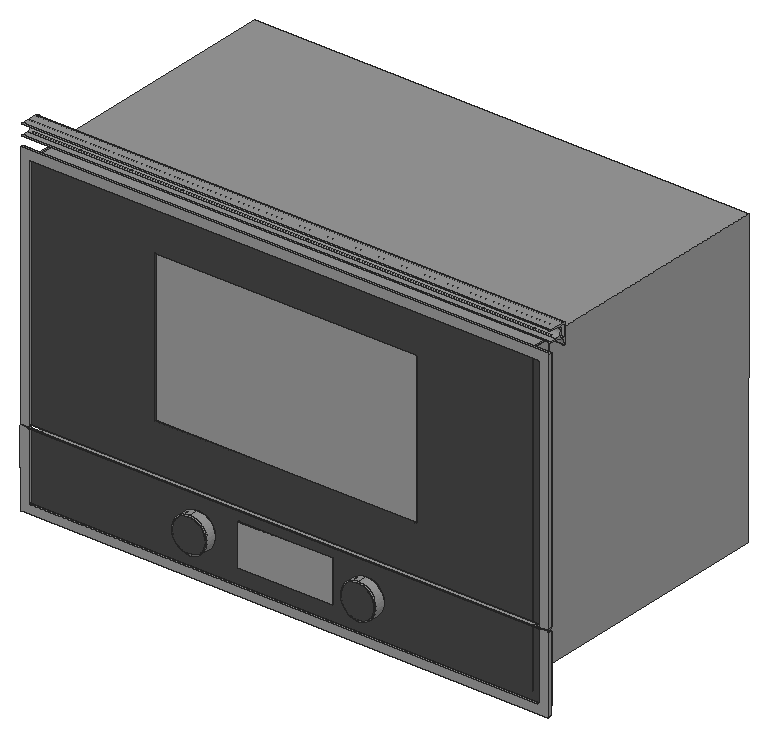
Revit family "ML 822 BI L", category Specialty Equipment, Revit 2017 (continued)
Automatic sketch dimensions
  Split face 31 sketch curve to Split face 31 sketch curve = 0.573 mm
  Split face 31 sketch curve to Extrusion 9 = 17.783 mm
  Split face 31 sketch curve to Split face 31 sketch curve = 0.773 mm
  Split face 31 sketch curve to Split face 31 sketch curve = 0.261 mm
  Split face 31 sketch curve to Split face 31 sketch curve = 0.929 mm
  Split face 31 sketch curve to Split face 31 sketch curve = 0.799 mm
  Split face 31 sketch curve to Split face 31 sketch curve = 0.973 mm
  Split face 31 sketch curve to Split face 31 sketch curve = 2.389 mm
  Split face 31 sketch curve to Split face 31 sketch curve = 0.492 mm
  Split face 31 sketch curve to Split face 31 sketch curve = 0.606 mm
  Split face 32 sketch curve to Extrusion 9 = 17.783 mm
  Split face 32 sketch curve to Extrusion 9 = 35.484 mm
  Split face 32 sketch curve to Split face 32 sketch curve = 0.547 mm
  Split face 32 sketch curve to Split face 32 sketch curve = 3.779 mm
  Split face 32 sketch curve to Split face 32 sketch curve = 0.656 mm
  Split face 32 sketch curve to Split face 32 sketch curve = 0.325 mm
  Split face 32 sketch curve to Extrusion 9 = 18.598 mm
  Split face 32 sketch curve to Split face 32 sketch curve = 0.907 mm
  Split face 32 sketch curve to Split face 32 sketch curve = 0.229 mm
  Split face 33 sketch curve to Extrusion 9 = 10.983 mm
  Split face 33 sketch curve to Split face 33 sketch curve = 4.357 mm  (x2)
  Split face 33 sketch curve to Extrusion 9 = 19.563 mm
  Split face 34 sketch curve to Extrusion 9 = 10.583 mm
  Split face 34 sketch curve to Split face 34 sketch curve = 3.557 mm  (x2)
  Split face 34 sketch curve to Extrusion 9 = 19.963 mm
  Split face 35 sketch curve to Extrusion 9 = 10.305 mm
  Split face 35 sketch curve to Split face 35 sketch curve = 1.5 mm
  Split face 35 sketch curve to Extrusion 9 = 22.602 mm
  Split face 35 sketch curve to Split face 35 sketch curve = 1.1 mm
  Split face 36 sketch curve to Extrusion 9 = 9.905 mm
  Split face 36 sketch curve to Split face 36 sketch curve = 1.1 mm  (x2)
  Split face 36 sketch curve to Extrusion 9 = 22.602 mm
  Split face 37 sketch curve to Extrusion 9 = 9.681 mm
  Split face 37 sketch curve to Split face 37 sketch curve = 0.198 mm  (x2)
  Split face 37 sketch curve to Split face 37 sketch curve = 0.679 mm  (x2)
  Split face 37 sketch curve to Extrusion 9 = 20.481 mm
  Split face 37 sketch curve to Split face 37 sketch curve = 1.121 mm
  Split face 37 sketch curve to Split face 37 sketch curve = 0.524 mm
  Split face 38 sketch curve to Extrusion 9 = 9.205 mm
  Split face 38 sketch curve to Split face 38 sketch curve = 0.152 mm
  Split face 38 sketch curve to Split face 38 sketch curve = 0.248 mm  (x2)
  Split face 38 sketch curve to Split face 38 sketch curve = 0.8 mm
  Split face 38 sketch curve to Extrusion 9 = 20.881 mm
  Split face 38 sketch curve to Split face 38 sketch curve = 0.861 mm
  Split face 38 sketch curve to Split face 38 sketch curve = 0.384 mm
  Split face 39 sketch curve to Extrusion 9 = 10.477 mm
  Split face 39 sketch curve to Split face 39 sketch curve = 0.8 mm
  Split face 39 sketch curve to Extrusion 9 = 9.405 mm
  Split face 39 sketch curve to Extrusion 9 = 4.237 mm
  Split face 40 sketch curve to Extrusion 9 = 3.004 mm
  Split face 40 sketch curve to Split face 40 sketch curve = 0.8 mm
  Split face 40 sketch curve to Extrusion 9 = 9.405 mm
  Split face 40 sketch curve to Extrusion 9 = 4.237 mm
  Split face 41 sketch curve to Extrusion 9 = 4.269 mm
  Split face 41 sketch curve to Split face 41 sketch curve = 1.133 mm
  Split face 41 sketch curve to Split face 41 sketch curve = 0 mm
  Split face 41 sketch curve to Split face 41 sketch curve = 0.889 mm  (x2)
  Split face 41 sketch curve to Split face 41 sketch curve = 0.8 mm  (x3)
  Split face 41 sketch curve to Split face 41 sketch curve = 2.885 mm
  Split face 41 sketch curve to Extrusion 9 = 9.247 mm
  Split face 41 sketch curve to Split face 41 sketch curve = 2.026 mm  (x2)
  Split face 41 sketch curve to Split face 41 sketch curve = 0.4 mm
  Split face 42 sketch curve to Extrusion 9 = 4.269 mm
  Split face 42 sketch curve to Split face 42 sketch curve = 1.133 mm
  Split face 42 sketch curve to Split face 42 sketch curve = 0 mm
  Split face 42 sketch curve to Split face 42 sketch curve = 0.889 mm  (x2)
  Split face 42 sketch curve to Split face 42 sketch curve = 0.8 mm  (x3)
  Split face 42 sketch curve to Split face 42 sketch curve = 4.185 mm
  Split face 42 sketch curve to Extrusion 9 = 4.134 mm
  Split face 42 sketch curve to Split face 42 sketch curve = 2.026 mm  (x2)
  Split face 42 sketch curve to Split face 42 sketch curve = 0.4 mm
  Split face 43 sketch curve to Extrusion 9 = 3.004 mm
  Split face 43 sketch curve to Split face 43 sketch curve = 0.8 mm
  Split face 43 sketch curve to Extrusion 9 = 3.976 mm
  Split face 43 sketch curve to Split face 43 sketch curve = 5.168 mm
  Split face 46 sketch curve to Split face 46 sketch curve = 0 mm  (x2)
  Split face 46 sketch curve to Extrusion 9 = 6.833 mm
  Split face 46 sketch curve to Split face 46 sketch curve = 2.157 mm  (x3)
  Split face 46 sketch curve to Split face 46 sketch curve = 1.768 mm  (x3)
  Split face 46 sketch curve to Extrusion 9 = 19.552 mm
  Split face 47 sketch curve to Split face 47 sketch curve = 0 mm  (x2)
  Split face 47 sketch curve to Extrusion 9 = 2.908 mm  (x2)
  Split face 47 sketch curve to Split face 47 sketch curve = 1.768 mm  (x3)
  Split face 47 sketch curve to Split face 47 sketch curve = 2.157 mm  (x2)
  Split face 47 sketch curve to Extrusion 9 = 19.552 mm
  Split face 54 sketch curve to Extrusion 1 = 9.93 mm
  Split face 54 sketch curve to Extrusion 1 = 195.971 mm
  Split face 54 sketch curve to Extrusion 1 = 14.422 mm
  Split face 54 sketch curve to Split face 54 sketch curve = 3.922 mm
  Split face 54 sketch curve to Split face 54 sketch curve = 3.8 mm  (x2)
  Split face 55 sketch curve to Extrusion 1 = 10.222 mm
  Split face 55 sketch curve to Extrusion 1 = 193.993 mm
  Split face 55 sketch curve to Split face 55 sketch curve = 1.578 mm
  Split face 55 sketch curve to Split face 55 sketch curve = 4.722 mm
  Split face 55 sketch curve to Split face 55 sketch curve = 0.8 mm
  Split face 55 sketch curve to Split face 55 sketch curve = 0.071 mm
  Split face 55 sketch curve to Split face 55 sketch curve = 4.6 mm
  Split face 56 sketch curve to Extrusion 1 = 14.422 mm
  Split face 56 sketch curve to Extrusion 1 = 194.393 mm
  Split face 56 sketch curve to Split face 56 sketch curve = 1.178 mm
  Split face 56 sketch curve to Split face 56 sketch curve = 2.054 mm
  Split face 56 sketch curve to Split face 56 sketch curve = 0.362 mm
  Split face 56 sketch curve to Split face 56 sketch curve = 3.438 mm
  Split face 57 sketch curve to Extrusion 1 = 11.115 mm
  Split face 57 sketch curve to Extrusion 1 = 186.796 mm
  Split face 57 sketch curve to Extrusion 1 = 13.922 mm
  Split face 57 sketch curve to Split face 57 sketch curve = 1.621 mm  (x2)
  Split face 58 sketch curve to Extrusion 1 = 10.665 mm
  Split face 58 sketch curve to Extrusion 1 = 186.016 mm
  Split face 58 sketch curve to Extrusion 1 = 14.822 mm
  Split face 58 sketch curve to Split face 58 sketch curve = 2.4 mm
  Split face 58 sketch curve to Split face 58 sketch curve = 4.8 mm
  Split face 59 sketch curve to Extrusion 1 = 14.372 mm
  Split face 59 sketch curve to Extrusion 1 = 182.842 mm
  Split face 59 sketch curve to Extrusion 1 = 11.565 mm
  Split face 59 sketch curve to Split face 59 sketch curve = 1.621 mm  (x2)
  Split face 60 sketch curve to Extrusion 1 = 14.822 mm
  Split face 60 sketch curve to Extrusion 1 = 182.063 mm
  Split face 60 sketch curve to Extrusion 1 = 10.665 mm
  Split face 60 sketch curve to Split face 60 sketch curve = 2.4 mm
  Split face 60 sketch curve to Split face 60 sketch curve = 4.8 mm
  Split face 61 sketch curve to Extrusion 1 = 14.822 mm
  Split face 61 sketch curve to Extrusion 1 = 202.006 mm
  Split face 61 sketch curve to Extrusion 1 = 10.665 mm
  Split face 61 sketch curve to Split face 61 sketch curve = 2.4 mm
  Split face 61 sketch curve to Split face 61 sketch curve = 4.8 mm
  Split face 62 sketch curve to Extrusion 1 = 14.372 mm
  Split face 62 sketch curve to Extrusion 1 = 201.226 mm
  Split face 62 sketch curve to Extrusion 1 = 11.565 mm
  Split face 62 sketch curve to Split face 62 sketch curve = 1.621 mm  (x2)
  Split face 63 sketch curve to Extrusion 1 = 11.115 mm
  Split face 63 sketch curve to Extrusion 1 = 197.273 mm
  Split face 63 sketch curve to Extrusion 1 = 13.922 mm
  Split face 63 sketch curve to Split face 63 sketch curve = 1.621 mm  (x2)
  Split face 64 sketch curve to Extrusion 1 = 10.665 mm
  Split face 64 sketch curve to Extrusion 1 = 198.053 mm
  Split face 64 sketch curve to Extrusion 1 = 14.822 mm
  Split face 64 sketch curve to Split face 64 sketch curve = 2.4 mm
  Split face 64 sketch curve to Split face 64 sketch curve = 4.8 mm
  Split face 67 sketch curve to Extrusion 1 = 13.822 mm
  Split face 67 sketch curve to Extrusion 1 = 187.355 mm
  Split face 67 sketch curve to Split face 67 sketch curve = 0.8 mm
  Split face 67 sketch curve to Split face 67 sketch curve = 3 mm
  Extrusion 18 sketch curve to Extrusion 18 sketch curve = 0 mm  (x8)
  plane 14 to Extrusion 18 sketch curve = 0.001 mm
  Extrusion 18 sketch curve to plane 14 = 0.374 mm
  Extrusion 18 sketch curve to plane 14 = 0.53 mm
  Extrusion 18 sketch curve to plane 14 = 0.755 mm
  Extrusion 18 sketch curve to Extrusion 18 sketch curve = 0.5 mm
  Extrusion 18 sketch curve to Extrusion 18 sketch curve = 1.469 mm
  Extrusion 18 sketch curve to plane 4 = 2.005 mm
  Extrusion 18 sketch curve to Extrusion 18 sketch curve = 5.719 mm
  Extrusion 18 sketch curve to Extrusion 18 sketch curve = 5.696 mm
  Extrusion 18 sketch curve to plane 4 = 1.2 mm
  Extrusion 18 sketch curve to Extrusion 18 sketch curve = 5.374 mm
  plane 8 to Extrusion 18 sketch curve = 9.652 mm
  Extrusion 18 sketch curve to Extrusion 18 sketch curve = 0.002 mm  (x3)
  plane 8 to Extrusion 18 sketch curve = 2.017 mm
  Extrusion 18 sketch curve to Extrusion 18 sketch curve = 0.033 mm
  plane 8 to Extrusion 18 sketch curve = 1.953 mm
  Extrusion 18 sketch curve to Extrusion 18 sketch curve = 5.593 mm
  Extrusion 18 sketch curve to Extrusion 18 sketch curve = 0.403 mm
  Extrusion 18 sketch curve to Extrusion 18 sketch curve = 2.734 mm
  Extrusion 18 sketch curve to Extrusion 18 sketch curve = 8.651 mm
  Extrusion 18 sketch curve to Extrusion 18 sketch curve = 0.364 mm
  Extrusion 18 sketch curve to plane 4 = 1.7 mm
  Extrusion 18 sketch curve to Extrusion 18 sketch curve = 0.27 mm
  Extrusion 18 sketch curve to Extrusion 18 sketch curve = 0.759 mm
  Extrusion 18 sketch curve to Extrusion 18 sketch curve = 1.828 mm
  Extrusion 18 sketch curve to Extrusion 18 sketch curve = 0.216 mm
  Extrusion 19 sketch curve to plane 13 = 0 mm
  Extrusion 19 sketch curve to Extrusion 19 sketch curve = 1 mm  (x4)
  Extrusion 19 sketch curve to plane 7 = 1.033 mm
  plane 8 to Extrusion 19 sketch curve = 1.6 mm
  Extrusion 19 sketch curve to plane 14 = 1.037 mm
  Extrusion 20 sketch curve to plane 13 = 0 mm
  Extrusion 20 sketch curve to Extrusion 20 sketch curve = 1 mm  (x4)
  Extrusion 20 sketch curve to plane 7 = 1.033 mm
  plane 8 to Extrusion 20 sketch curve = 1.6 mm
  Extrusion 20 sketch curve to plane 14 = 1.037 mm
  Extrusion 21 sketch curve to plane 12 = 0 mm
  Extrusion 21 sketch curve to Extrusion 21 sketch curve = 1 mm  (x3)
  plane 6 to Extrusion 21 sketch curve = 1.033 mm
  Extrusion 21 sketch curve to plane 14 = 1.037 mm
  plane 8 to Extrusion 21 sketch curve = 4.6 mm
  plane 8 to Extrusion 21 sketch curve = 2.6 mm
  Extrusion 22 sketch curve to plane 12 = 0 mm
  Extrusion 22 sketch curve to Extrusion 22 sketch curve = 1 mm  (x3)
  plane 6 to Extrusion 22 sketch curve = 1.033 mm
  Extrusion 22 sketch curve to plane 14 = 1.037 mm
  plane 8 to Extrusion 22 sketch curve = 4.6 mm
  plane 8 to Extrusion 22 sketch curve = 2.6 mm
  Extrusion 1 sketch curve to plane 3 "Center (Left/Right)" = 52.981 mm
  level to Extrusion 1 sketch curve = 74.744 mm
  level to Extrusion 1 sketch curve = 28.222 mm
  plane 15 "R.Revol" to Extrusion 1 sketch curve = 42.019 mm
  radius of Extrusion 2 sketch curve to Extrusion 3 = 0 mm  (x2)
  radius of Extrusion 3 sketch curve to Extrusion 1 = 0 mm  (x2)
  radius of Extrusion 11 sketch curve = 18.5 mm
  radius of Extrusion 12 sketch curve = 5 mm
  radius of Extrusion 13 sketch curve = 18.814 mm
  radius of Extrusion 15 sketch curve = 18.5 mm
  radius of Extrusion 16 sketch curve = 5 mm
  radius of Extrusion 17 sketch curve = 18.814 mm
  radius of Split face 2 sketch curve = 1 mm
Connectors
  electrical at (162.5, 157.5, 326.35)
    settings: on Extrusion 8, index 1, voltage 220 V, apparent load 0 VA, apparent load phase1 0 VA, apparent load phase2 0 VA, apparent load phase3 0 VA, power factor 1, load classification "Otro", number of poles 1, system type 30, power factor state 1, is connector primary yes, connector utility no, sub classification motor no, connector description ""
